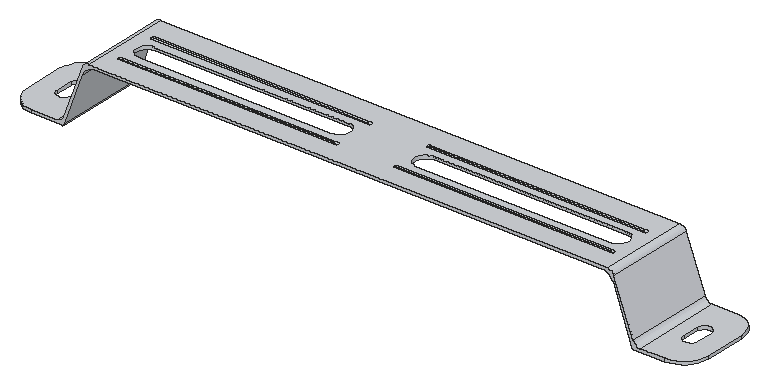
Revit family "THB225", category Generic Models, Revit 2017
Family settings
  Can host rebar = No
  Round Connector Dimension = Use Diameter
  Part Type = Normal
  Work Plane-Based = Yes
  Always vertical = No
  Cut with Voids When Loaded = No
  Shared = No
  Room Calculation Point = No
Parameters (values of type "NBS Standard Parameters")
  Weight = "0.137Kg"
  WarrantyStartDate [instance] = "1900-12-31T23:59:59"
  WarrantyGuarantorParts = "n/a"
  WarrantyGuarantorLabor = "n/a"
  WarrantyDurationUnit = "1 year"
  WarrantyDurationParts = "n/a"
  WarrantyDurationLabor = "n/a"
  WarrantyDescription = "n/a"
  Version = "1"
  Uniclass2 = "PR_65_70_11_18"
  TagNumber [instance] = "n/a"
  SustainabilityPerformance = "n/a"
  Size = "225"
  Shape = ""
  SerialNumber [instance] = "n/a"
  Revision = "n/a"
  ReplacementCost = "n/a"
  ProductInformation = "www.metpro.co.uk/pdf/thb225.pdf"
  NominalWidth = 28.5 mm
  NominalLength = 221.5 mm
  NominalHeight = 25.5 mm
  Name = ""
  NBSTypeID = ""
  NBSReference = "90-55-10/410"
  NBSOfficeMasterTag = ""
  NBSNote = ""
  NBSDescription = "Cable Trunking"
  NBSCertification = ""
  ModelReference = "THB225"
  ModelNumber = "n/a"
  Material = "Pre Galvanised Material"
  ManufacturerURL = "www.metpro.co.uk"
  ManufacturerName = "Metpro Ltd"
  Keynote = "Compliant to LU Standard 1-085"
  InstallationDate [instance] = "1900-12-31T23:59:59"
  IfcExportType = ""
  IfcExportAs = ""
  Grade = "n/a"
  Finish = "Pre Galvanised"
  Features = "n/a"
  ExpectedLife = "n/a"
  DurationUnit = "year"
  Description = "THB225  -225mm Top Hat Bracket"
  Default Elevation = 1219.2 mm
  Constituents = "n/a"
  Color = "n/a"
  CodePerformance = "n/a"
  Category = "n/a"
  BarCode [instance] = "n/a"
  BIMObjectName = "metpro_metprolibrary_cabletrunking_supportsystem_tophatbracket"
  Author = "Metpro Ltd"
  AssetType = ""
  AssetIdentifier [instance] = "n/a"
  AccessibilityPerformance = "n/a"
Reference planes
  plane 1 "Center (Front/Back)": y = 0
  plane 2: z = 0
  plane 3 "Center (Left/Right)": x = 0
Forms (mm)
  Extrusion 1, solid
    sketch origin (85.275, 32.622, -6.2) x (-1, 0, 0) y (0, 0, 1)
      loop
        line (-93.538, 5) -> (-71.052, 5)
        arc (-71.052, 5) -> (-70.478, 5.181) -> (-70.112, 5.658) r 1
        line (-70.112, 5.658) -> (-62.45, 26.71)
        arc (-62.45, 26.71) -> (-60.619, 29.096) -> (-57.751, 30) r 5
        line (-57.751, 30) -> (150.675, 30)
        arc (150.675, 30) -> (153.542, 29.096) -> (155.373, 26.71) r 5
        line (155.373, 26.71) -> (163.035, 5.658)
        arc (163.035, 5.658) -> (163.402, 5.181) -> (163.975, 5) r 1
        line (163.975, 5) -> (186.462, 5) -> (186.462, 6.2) -> (166.216, 6.2)
        arc (166.216, 6.2) -> (164.495, 6.743) -> (163.397, 8.174) r 3
        line (163.397, 8.174) -> (155.734, 29.226)
        arc (155.734, 29.226) -> (154.636, 30.657) -> (152.915, 31.2) r 3
        line (152.915, 31.2) -> (-59.992, 31.2)
        arc (-59.992, 31.2) -> (-61.713, 30.657) -> (-62.811, 29.226) r 3
        line (-62.811, 29.226) -> (-70.474, 8.174)
        arc (-70.474, 8.174) -> (-71.572, 6.743) -> (-73.293, 6.2) r 3
        line (-73.293, 6.2) -> (-93.538, 6.2) -> (-93.538, 5)
    from 0 to 37
  Extrusion 2, void
    sketch origin (146.531, 34.493, 25) x (0, -1, 0) y (-1, 0, 0)
      loop
        arc (-20.355, 11.009) -> (-15.855, 6.509) -> (-11.355, 11.009) r 4.5
        line (-11.355, 11.009) -> (-11.355, 89.919)
        arc (-11.355, 89.919) -> (-15.855, 94.419) -> (-20.355, 89.919) r 4.5
        line (-20.355, 89.919) -> (-20.355, 11.009)
      loop
        line (-20.355, 204.426) -> (-20.355, 125.516)
        arc (-20.355, 125.516) -> (-15.855, 121.016) -> (-11.355, 125.516) r 4.5
        line (-11.355, 125.516) -> (-11.355, 204.426)
        arc (-11.355, 204.426) -> (-15.855, 208.926) -> (-20.355, 204.426) r 4.5
    from 0 to 3
  Blend 3, solid
    base sketch origin (145.775, 64.542, 25) x (-1, 0, 0) y (0, -1, 0)
      loop
        line (5.267, 5) -> (95.267, 5) -> (95.267, 6.337) -> (5.267, 6.337) -> (5.267, 5)
    top sketch origin (145.775, 64.542, 25) x (-1, 0, 0) y (0, -1, 0)
      loop
        line (6.049, 5.3) -> (94.352, 5.3)
        arc (94.352, 5.3) -> (94.72, 5.668) -> (94.352, 6.037) r 0.368
        line (94.352, 6.037) -> (6.049, 6.037)
        arc (6.049, 6.037) -> (5.681, 5.668) -> (6.049, 5.3) r 0.368
    from 0 to 0.3
  Blend 4, solid
    base sketch origin (145.775, 36.154, 25) x (-1, 0, 0) y (0, -1, 0)
      loop
        line (5.267, -5) -> (5.267, -6.337) -> (95.267, -6.337) -> (95.267, -5) -> (5.267, -5)
    top sketch origin (145.775, 36.154, 25) x (-1, 0, 0) y (0, -1, 0)
      loop
        arc (6.049, -5.3) -> (5.681, -5.668) -> (6.049, -6.037) r 0.368
        line (6.049, -6.037) -> (94.352, -6.037)
        arc (94.352, -6.037) -> (94.72, -5.668) -> (94.352, -5.3) r 0.368
        line (94.352, -5.3) -> (6.049, -5.3)
    from 0 to 0.3
  Blend 5, solid
    base sketch origin (-68.148, 64.542, 25) x (1, 0, 0) y (0, 1, 0)
      loop
        line (5.267, -5) -> (5.267, -6.337) -> (95.267, -6.337) -> (95.267, -5) -> (5.267, -5)
    top sketch origin (-68.148, 64.542, 25) x (1, 0, 0) y (0, 1, 0)
      loop
        arc (6.049, -5.3) -> (5.681, -5.668) -> (6.049, -6.037) r 0.368
        line (6.049, -6.037) -> (94.352, -6.037)
        arc (94.352, -6.037) -> (94.72, -5.668) -> (94.352, -5.3) r 0.368
        line (94.352, -5.3) -> (6.049, -5.3)
    from 0 to 0.3
  Blend 6, solid
    base sketch origin (-68.148, 36.154, 25) x (1, 0, 0) y (0, 1, 0)
      loop
        line (5.267, 5) -> (95.267, 5) -> (95.267, 6.337) -> (5.267, 6.337) -> (5.267, 5)
    top sketch origin (-68.148, 36.154, 25) x (1, 0, 0) y (0, 1, 0)
      loop
        line (6.049, 5.3) -> (94.352, 5.3)
        arc (94.352, 5.3) -> (94.72, 5.668) -> (94.352, 6.037) r 0.368
        line (94.352, 6.037) -> (6.049, 6.037)
        arc (6.049, 6.037) -> (5.681, 5.668) -> (6.049, 5.3) r 0.368
    from 0 to 0.3
  Extrusion 7, void
    sketch origin (0, 0, 0) x (1, 0, 0) y (0, 1, 0)
      loop
        line (-91.187, 69.622) -> (-91.187, 73.042) -> (-106.187, 73.042) -> (-106.187, 28.979) -> (-91.187, 28.979) -> (-91.187, 32.622)
        arc (-91.187, 32.622) -> (-98.258, 35.551) -> (-101.187, 42.622) r 10
        line (-101.187, 42.622) -> (-101.187, 59.622)
        arc (-101.187, 59.622) -> (-98.258, 66.693) -> (-91.187, 69.622) r 10
      loop
        line (-92.881, 54.683) -> (-92.881, 47.683)
        arc (-92.881, 47.683) -> (-89.881, 44.683) -> (-86.881, 47.683) r 3
        line (-86.881, 47.683) -> (-86.881, 54.683)
        arc (-86.881, 54.683) -> (-89.881, 57.683) -> (-92.881, 54.683) r 3
      loop
        arc (168.813, 69.622) -> (175.884, 66.693) -> (178.813, 59.622) r 10
        line (178.813, 59.622) -> (178.813, 42.622)
        arc (178.813, 42.622) -> (175.884, 35.551) -> (168.813, 32.622) r 10
        line (168.813, 32.622) -> (168.813, 28.979) -> (183.813, 28.979) -> (183.813, 73.042) -> (168.813, 73.042) -> (168.813, 69.622)
      loop
        arc (170.508, 54.683) -> (167.508, 57.683) -> (164.508, 54.683) r 3
        line (164.508, 54.683) -> (164.508, 47.683)
        arc (164.508, 47.683) -> (167.508, 44.683) -> (170.508, 47.683) r 3
        line (170.508, 47.683) -> (170.508, 54.683)
    from -11.954 to 0
Cuts and joins
  Extrusion 2, Extrusion 7 cuts Extrusion 1
Dimensions and locks
  aligned and locked: level to plane 2
